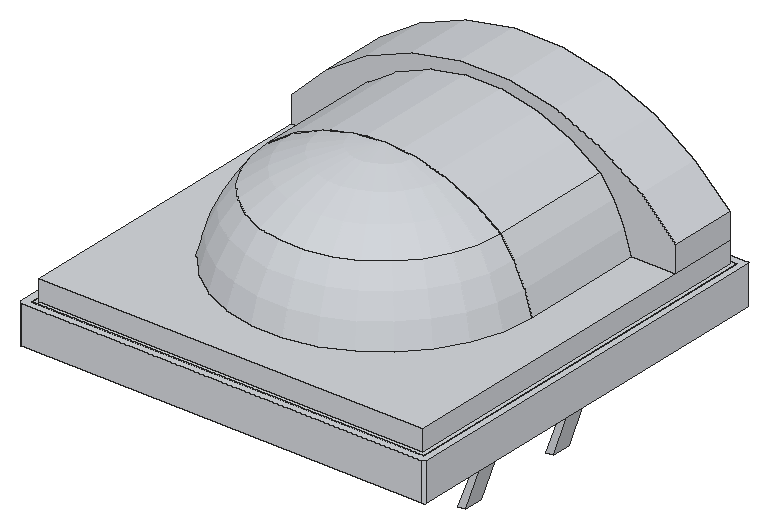
Revit family "Gira_5375005", category Electrical Fixtures, host Face, Revit 2017
Family settings
  Host = Face
  Maintain Annotation Orientation = Yes
  Round Connector Dimension = Use Diameter
  Part Type = Normal
  Cut with Voids When Loaded = No
  Shared = No
  Room Calculation Point = No
Parameters (values of type "S3000 motion detec.top 2.20 m Standard System 55 black m")
  URL = "http://katalog.gira.de/en/datenblatt.html?artikelnr=5375005"
  Name = "S3000 motion detec.top 2.20 m Standard System 55 black m"
  Model = "Movement sensor"
  Manufacturer URL = "https://www.gira.de/"
  Manufacturer = "Gira"
  Keynote = ""
  HeinzeBIM = "https://bimportal.heinze.de/bim/s3000-motion-detec-top-2-20-m-standard-system-55-black-m/2b4e5d8556d237f7e44272f37b778b5ccda03505"
  HAN = "5375005"
  GTIN = "4010337051183"
  Description = "S3000 mot.det.top 2.20m Std Sys55 BKm,System 3000 motion detector top unit 2.20 m Standard,System 55,black matt,Features:,- Automatic switching of lighting, depending on the movement of heat and ambient brightness.,- Operation with System 3000 switching or dimming insert or 3-wire auxiliary insert.,- Expansion of the detection range in combination with the 3-wire auxiliary insert.,- Adjustable brightness threshold.,- Sensitivity adjustable in four steps.,- When connecting a System 3000 auxiliary insert with an operating top unit or mechanical button to the main unit, the lighting can be switched on or dimmed for the duration of the delay time.,With System 3000 dimming insert:,- Switch on with the last brightness set, or a saved switch-on brightness.,- The switch-on brightness can only be saved permanently via the System 3000 auxiliary insert with operating top unit."
  Default Elevation = 1219.2 mm
  Data sheet (1) = "https://katalog.gira.de/en/download.html?artikelnr=5375005"
  Category = "Sensor element for movement sensor"
  BIM (1) = "https://media.stage.bim.site/public/gira/36a6b08/Bewegungsmelder_2,20m.rfa"
  Available = "No"
Reference planes
  plane 1 "Center (Front/Back)": y = 0
  plane 2: z = 0
  plane 3 "Center (Left/Right)": x = 0
Forms (mm)
  Extrusion 1, solid, detail levels fine
    sketch origin (0, 0, 0) x (1, 0, 0) y (0, 0, 1)
      loop
        line (-33.25, 14.602) -> (-33.25, 10.1) -> (33.25, 10.1) -> (33.25, 14.602)
        arc (33.25, 14.602) -> (0, 30.256) -> (-33.25, 14.602) r 43.139
    from -33.25 to -21.609
  Extrusion 2, solid, detail levels fine
    sketch origin (0, 0, 0) x (1, 0, 0) y (0, 1, 0)
      loop
        line (-33.25, 33.25) -> (-33.25, -33.25) -> (33.25, -33.25) -> (33.25, 33.25) -> (-33.25, 33.25)
    from 6.6 to 10.1
  Extrusion 3, solid, detail levels fine
    sketch origin (0, 0, 0) x (1, 0, 0) y (0, 0, 1)
      loop
        arc (20.138, 21.225) -> (0, 28.457) -> (-20.138, 21.225) r 31.652
        arc (-20.138, 21.225) -> (-23.48, 15.984) -> (-25.486, 10.1) r 26.053
        line (-25.486, 10.1) -> (25.486, 10.1)
        arc (25.486, 10.1) -> (23.48, 15.984) -> (20.138, 21.225) r 26.053
    from -21.609 to 0
  Revolve 4, solid, detail levels fine
    sketch origin (0, 0, 0) x (1, 0, 0) y (0, 0, 1)
      loop
        arc (0, 28.457) -> (-10.699, 26.594) -> (-20.138, 21.225) r 31.652
        arc (-20.138, 21.225) -> (-23.48, 15.984) -> (-25.486, 10.1) r 26.053
        line (-25.486, 10.1) -> (0, 10.1) -> (0, 28.457)
      axis (0, 28.457) -> (0, 10.1)
    angle from -180 to 0
  Extrusion 5, solid, detail levels fine
    sketch origin (0, 0, 0) x (1, 0, 0) y (0, 1, 0)
      loop
        spline (-34.7, 35.2) -> (-34.765, 35.196) -> (-34.829, 35.183) -> (-34.891, 35.162) -> (-34.95, 35.133) -> (-35.004, 35.097) -> (-35.054, 35.054) -> (-35.097, 35.004) -> (-35.133, 34.95) -> (-35.162, 34.891) -> (-35.183, 34.829) -> (-35.196, 34.765) -> (-35.2, 34.7)
        line (-35.2, 34.7) -> (-35.2, -34.7)
        spline (-35.2, -34.7) -> (-35.196, -34.765) -> (-35.183, -34.829) -> (-35.162, -34.891) -> (-35.133, -34.95) -> (-35.097, -35.004) -> (-35.054, -35.054) -> (-35.004, -35.097) -> (-34.95, -35.133) -> (-34.891, -35.162) -> (-34.829, -35.183) -> (-34.765, -35.196) -> (-34.7, -35.2)
        line (-34.7, -35.2) -> (34.7, -35.2)
        spline (34.7, -35.2) -> (34.765, -35.196) -> (34.829, -35.183) -> (34.891, -35.162) -> (34.95, -35.133) -> (35.004, -35.097) -> (35.054, -35.054) -> (35.097, -35.004) -> (35.133, -34.95) -> (35.162, -34.891) -> (35.183, -34.829) -> (35.196, -34.765) -> (35.2, -34.7)
        line (35.2, -34.7) -> (35.2, 34.7)
        spline (35.2, 34.7) -> (35.196, 34.765) -> (35.183, 34.829) -> (35.162, 34.891) -> (35.133, 34.95) -> (35.097, 35.004) -> (35.054, 35.054) -> (35.004, 35.097) -> (34.95, 35.133) -> (34.891, 35.162) -> (34.829, 35.183) -> (34.765, 35.196) -> (34.7, 35.2)
        line (34.7, 35.2) -> (-34.7, 35.2)
      loop
        line (-33.986, 33.986) -> (-33.986, -33.986) -> (33.986, -33.986) -> (33.986, 33.986) -> (-33.986, 33.986)
    from 0 to 6.6
  Extrusion 6, solid, detail levels fine
    sketch origin (0, 0, 0) x (1, 0, 0) y (0, 1, 0)
      loop
        line (-33.986, 33.986) -> (-33.986, -33.986) -> (33.986, -33.986) -> (33.986, 33.986) -> (-33.986, 33.986)
    from 5 to 6.6
  Extrusion 7, solid
    sketch origin (0, 0, 0) x (1, 0, 0) y (0, 1, 0)
      loop
        line (-23.656, 22.752) -> (-23.656, -22.748)
        arc (-23.656, -22.748) -> (-23.409, -23.369) -> (-22.801, -23.65) r 0.904
        line (-22.801, -23.65) -> (22.796, -23.65)
        arc (22.796, -23.65) -> (23.404, -23.369) -> (23.656, -22.748) r 0.904
        line (23.656, -22.748) -> (23.652, 22.752)
        arc (23.652, 22.752) -> (23.404, 23.374) -> (22.796, 23.655) r 0.904
        line (22.796, 23.655) -> (-22.801, 23.655)
        arc (-22.801, 23.655) -> (-23.409, 23.374) -> (-23.656, 22.752) r 0.904
    from -3.2 to 5
  Extrusion 8, solid, detail levels fine
    sketch origin (0, 0, 0) x (1, 0, 0) y (0, 1, 0)
      loop
        line (-27.334, -25) -> (-26.366, -25) -> (-26.366, 26.298) -> (26.366, 26.298) -> (26.366, -25) -> (27.334, -25) -> (27.334, 27.402) -> (-27.334, 27.402) -> (-27.334, -25)
    from -1.1 to 5
  Extrusion 9, solid, detail levels fine
    sketch origin (0, 0, 0) x (1, 0, 0) y (0, 1, 0)
      loop
        line (-5.141, 20.682) -> (-5.141, 15.098)
        spline (-5.141, 15.098) -> (-5.133, 14.968) -> (-5.107, 14.84) -> (-5.065, 14.716) -> (-5.007, 14.599) -> (-4.935, 14.49) -> (-4.849, 14.391) -> (-4.75, 14.305) -> (-4.641, 14.233) -> (-4.524, 14.175) -> (-4.4, 14.133) -> (-4.272, 14.107) -> (-4.142, 14.099)
        line (-4.142, 14.099) -> (4.142, 14.099)
        spline (4.142, 14.099) -> (4.272, 14.107) -> (4.4, 14.133) -> (4.524, 14.175) -> (4.641, 14.233) -> (4.75, 14.305) -> (4.849, 14.391) -> (4.935, 14.49) -> (5.007, 14.599) -> (5.065, 14.716) -> (5.107, 14.84) -> (5.133, 14.968) -> (5.141, 15.098)
        line (5.141, 15.098) -> (5.141, 20.682)
        spline (5.141, 20.682) -> (5.133, 20.812) -> (5.107, 20.94) -> (5.065, 21.064) -> (5.007, 21.181) -> (4.935, 21.29) -> (4.849, 21.389) -> (4.75, 21.475) -> (4.641, 21.547) -> (4.524, 21.605) -> (4.4, 21.647) -> (4.272, 21.673) -> (4.142, 21.681)
        line (4.142, 21.681) -> (-4.142, 21.681)
        spline (-4.142, 21.681) -> (-4.272, 21.673) -> (-4.4, 21.647) -> (-4.524, 21.605) -> (-4.641, 21.547) -> (-4.75, 21.475) -> (-4.849, 21.389) -> (-4.935, 21.29) -> (-5.007, 21.181) -> (-5.065, 21.064) -> (-5.107, 20.94) -> (-5.133, 20.812) -> (-5.141, 20.682)
    from -19.6 to -3.2
  Extrusion 10, solid, detail levels fine
    sketch origin (0, 0, 0) x (1, 0, 0) y (0, 0, 1)
      loop
        line (-24.966, -3.825) -> (-25.395, -8.726) -> (-23.048, -15.543) -> (-21.665, -15.713) -> (-24.338, -8.563) -> (-23.422, -1.1) -> (-25.014, -1.1) -> (-24.966, -3.825)
      loop
        line (24.966, -3.825) -> (25.014, -1.1) -> (23.422, -1.1) -> (24.338, -8.563) -> (21.665, -15.713) -> (23.048, -15.543) -> (25.395, -8.726) -> (24.966, -3.825)
    from -11.1 to -7.9
  Extrusion 11, solid, detail levels fine
    sketch origin (0, 0, 0) x (1, 0, 0) y (0, 0, -1)
      loop
        line (-24.966, 3.825) -> (-25.014, 1.1) -> (-23.422, 1.1) -> (-24.338, 8.563) -> (-21.665, 15.713) -> (-23.048, 15.543) -> (-25.395, 8.726) -> (-24.966, 3.825)
      loop
        line (24.966, 3.825) -> (25.395, 8.726) -> (23.048, 15.543) -> (21.665, 15.713) -> (24.338, 8.563) -> (23.422, 1.1) -> (25.014, 1.1) -> (24.966, 3.825)
    from -11.1 to -7.9
  Extrusion 12, solid
    sketch origin (0, 0, 0) x (1, 0, 0) y (0, 1, 0)
      loop
        line (-23.656, 22.752) -> (-23.656, -22.748)
        arc (-23.656, -22.748) -> (-23.409, -23.369) -> (-22.801, -23.65) r 0.904
        line (-22.801, -23.65) -> (22.796, -23.65)
        arc (22.796, -23.65) -> (23.404, -23.369) -> (23.656, -22.748) r 0.904
        line (23.656, -22.748) -> (23.652, 22.752)
        arc (23.652, 22.752) -> (23.404, 23.374) -> (22.796, 23.655) r 0.904
        line (22.796, 23.655) -> (-22.801, 23.655)
        arc (-22.801, 23.655) -> (-23.409, 23.374) -> (-23.656, 22.752) r 0.904
    from -3.2 to 5
  Extrusion 13, solid, detail levels medium
    sketch origin (0, 0, 0) x (1, 0, 0) y (0, 1, 0)
      loop
        line (-35.2, 35.2) -> (-35.2, -35.2) -> (35.2, -35.2) -> (35.2, 35.2) -> (-35.2, 35.2)
    from 0 to 6.6
  Extrusion 14, solid, detail levels medium
    sketch origin (0, 0, 0) x (1, 0, 0) y (0, 1, 0)
      loop
        line (-33.25, 33.25) -> (-33.25, -33.25) -> (33.25, -33.25) -> (33.25, 33.25) -> (-33.25, 33.25)
    from 6.6 to 30.256
  Extrusion 15, solid, detail levels medium
    sketch origin (0, 0, 0) x (1, 0, 0) y (0, 1, 0)
      loop
        line (-23.656, 23.655) -> (-23.656, -23.65) -> (23.656, -23.65) -> (23.656, 23.655) -> (-23.656, 23.655)
    from -3.2 to 5
  Extrusion 16, solid, detail levels medium
    sketch origin (0, 0, 0) x (1, 0, 0) y (0, 0, 1)
      loop
        line (-25.014, -1.1) -> (-25.014, -15.713) -> (-21.665, -15.713) -> (-21.665, -1.1) -> (-25.014, -1.1)
      loop
        line (25.014, -1.1) -> (21.665, -1.1) -> (21.665, -15.713) -> (25.014, -15.713) -> (25.014, -1.1)
    from -11.1 to -7.9
  Extrusion 17, solid, detail levels medium
    sketch origin (0, 0, 0) x (1, 0, 0) y (0, 0, -1)
      loop
        line (-25.014, 1.1) -> (-21.665, 1.1) -> (-21.665, 15.713) -> (-25.014, 15.713) -> (-25.014, 1.1)
      loop
        line (25.014, 1.1) -> (25.014, 15.713) -> (21.665, 15.713) -> (21.665, 1.1) -> (25.014, 1.1)
    from -11.1 to -7.9
  Extrusion 18, solid, detail levels medium
    sketch origin (0, 0, 0) x (1, 0, 0) y (0, 1, 0)
      loop
        line (-5.141, 14.099) -> (5.141, 14.099) -> (5.141, 21.681) -> (-5.141, 21.681) -> (-5.141, 14.099)
    from -19.6 to -3.2
  Extrusion 19, solid, detail levels coarse
    sketch origin (0, 0, 0) x (1, 0, 0) y (0, 1, 0)
      loop
        line (-35.2, 35.2) -> (-35.2, -35.2) -> (35.2, -35.2) -> (35.2, 35.2) -> (-35.2, 35.2)
    from -19.6 to 30.256
Dimensions and locks
  aligned and locked: plane 2 to host face
  aligned and locked: level to host face
  aligned and locked: nested 1 to plane 3 "Center (Left/Right)"
  aligned and locked: plane 1 "Center (Front/Back)" to nested 1
Nested families
  nested 1: "Belegungssensor - Bewegung - Aufputz - Beschriftung" at (0, 0, 0) x (0, -1, 0) z (0, 0, 1), type "Belegungssensor - Bewegung - Aufputz - Beschriftung"
Connectors
  electrical at (0, 0, -19.6)
    settings: on Extrusion 19, index 1, voltage 220 V, apparent load 0 VA, apparent load phase1 0 VA, apparent load phase2 0 VA, apparent load phase3 0 VA, power factor 1, load classification "Other", number of poles 1, system type 30, power factor state 1, is connector primary yes, connector utility no, sub classification motor no, connector description ""
Definition of nested family "Belegungssensor - Bewegung - Aufputz - Beschriftung"
  Reference planes
    plane 1: y = 0
    plane 2: x = 0
  Lines and regions (mm)
    Filled region 1, type "Gefüllter Bereich 1"
      outline origin (143.425, -20.712, 0) x (1, 0, 0) y (0, 1, 0)
        loop
          line (-148.697, 21.204) -> (-148.697, 20.409) -> (-147.583, 20.807) -> (-148.697, 21.204)
    Filled region 2, type "Gefüllter Bereich 1"
      outline origin (141.808, 30.001, 0) x (0.939693, 0.34202, 0) y (-0.34202, 0.939693, 0)
        loop
          line (-148.694, 21.203) -> (-148.694, 20.41) -> (-147.583, 20.807) -> (-148.694, 21.203)
    Filled region 3, type "Gefüllter Bereich 1"
      outline origin (141.819, -29.825, 0) x (-0.34202, -0.939693, 0) y (0.939693, -0.34202, 0)
        loop
          line (21.204, -148.697) -> (20.807, -147.583) -> (20.409, -148.697) -> (21.204, -148.697)
    detail lines
      curve 1: line (-1.207, 0.095, 0) -> (-3.486, 1.411, 0)
      curve 2: line (-1.207, 0.095, 0) -> (-3.486, -1.221, 0)
      curve 5: arc (-3.252, 1.752, 0) -> (-3.839, 0.095, 0) -> (-3.252, -1.562, 0) r 2.632
      curve 6: line (-6, 3, 0) -> (0, 3, 0)
      curve 7: line (-6, -3, 0) -> (-6, 3, 0)
      curve 8: line (0, -3, 0) -> (-6, -3, 0)
      curve 9: line (0, 3, 0) -> (0, -3, 0)
    reference lines
      curve 3: line (-1.207, 0.095, 0) -> (-3.616, 2.046, 0)
      curve 4: line (-1.207, 0.095, 0) -> (-3.616, -1.856, 0)
  Dimensions and locks
    curve 1 to curve 1 = 2.632 mm
    curve 2 to curve 2 = 2.632 mm
    curve 6 to curve 8 = 6 mm
    curve 7 to curve 9 = 6 mm
    angle curve 1 to curve 2 = 60.00°
    aligned and locked: curve 6 to curve 7
    aligned and locked: curve 9 to curve 9
